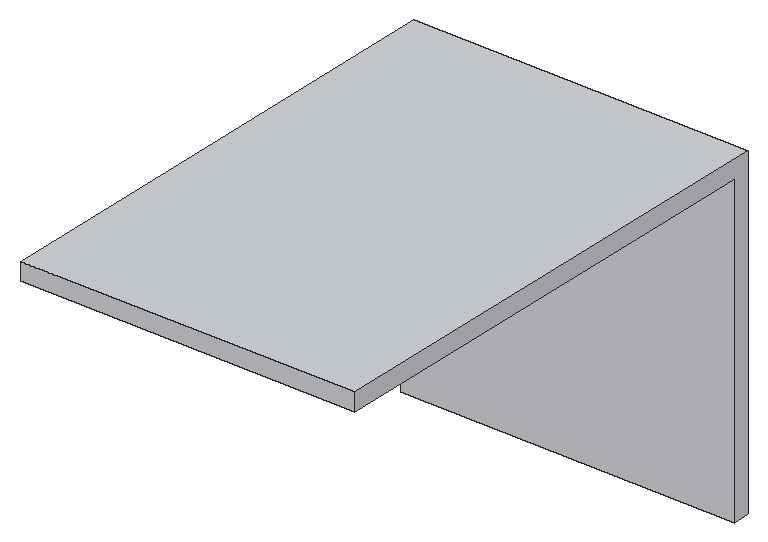
Revit family "Secretria_Expedit_IKEA_6667", category Мебель, Revit 2017
Family settings
  На основе рабочей плоскости = Нет
  Всегда вертикально = Да
  При загрузке вырезать с полостями = Нет
  Общий = Нет
  Точка расчета площади = Нет
Parameters
  Material = none
Reference planes (m)
  plane 1 "Center (Front/Back)": y = 0
  plane 2: z = 0
  plane 3 "Center (Left/Right)": x = 0
Forms (m)
  Extrusion 1, solid, material <- "Material"
    sketch origin (0, 1.15, 0) x (0, 1, 0) y (0, 0, 1)
      loop
        line (0, 0.76) -> (-1.15, 0.76) -> (-1.15, 0.72) -> (-0.04, 0.72) -> (-0.04, 0) -> (0, 0) -> (0, 0.76)
    from -0.39 to 0.39
